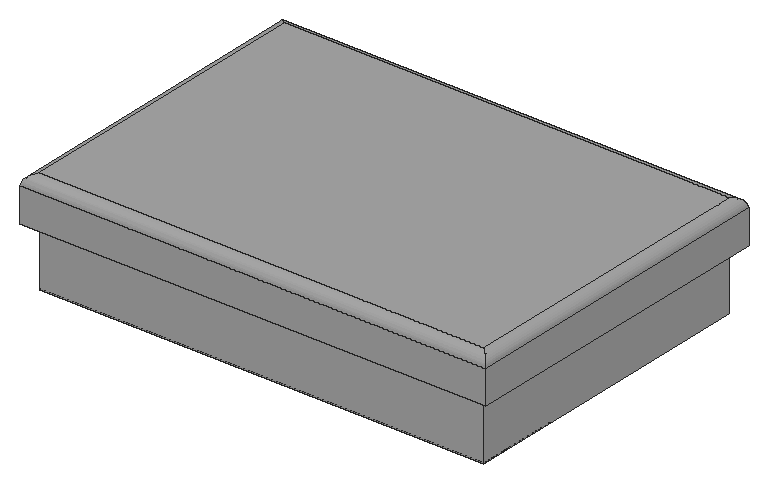
Revit family "4466_Addressable External Power Supply", category Fire Alarm Devices, host Face, Revit 2020
Family settings
  Host = Face
  Maintain Annotation Orientation = No
  Round Connector Dimension = Use Diameter
  Part Type = Normal
  OmniClass Number = 23.85.30.21
  OmniClass Title = Environmental Detection/Registration
  Cut with Voids When Loaded = No
  Shared = No
  Room Calculation Point = No
Parameters (values of type "4466")
  Width (mm) = 424 mm  # constant formula
  Weight = "4660g"  # constant formula
  Version = "RVT20"  # constant formula
  Vds Approval = "G219025"  # constant formula
  Uniformat 2010 Description = "Detection and Alarm"  # constant formula
  Uniformat 2010  Code = "D7050"  # constant formula
  Uniclass 2015 Description = "Fire and smoke detector bases"  # constant formula
  Uniclass 2015 Code = "Pr_75_80_30_27 "  # constant formula
  URL = "https://www.panasonic-fire-security.com"
  Type Comments = "The external power supply 4466 consists of a SMPS (the main power source) and a charger board. It is intended to be used as power supply for external equipment requiring 24 V DC with battery backup.The 4466 shall be connected to the COM loop in order to be monitored by the c.i.e.It is possible to mount and connect to the “2 voltage outputs board” and/or the “com loop repeater 4585” inside the 4466, i.e. in total two expansion boards"  # constant formula
  Tested and Approved = "EN54-4, EN54-18, EN54-17"  # constant formula
  Terminal Board Blades For Batteries = "2"  # constant formula
  Terminal Block J3 (Out 0/1) = "Ø 2.3 mm (4 mm²)"  # constant formula
  Technical Number [instance] = ""
  Short Circuit Isolator = "Yes (Built-in)"  # constant formula
  Product Material = Metal Housing - Light Grey
  Power Supply = "230 VAC with\r\nprotective eart"  # constant formula
  Output Signal = "1  (backwards compatibility only)"  # constant formula
  Omniclass Description = "Smoke Detectors"  # constant formula
  Omniclass Code = "23.85.30.21.11.11.11"  # constant formula
  Model = "4466"  # constant formula
  Min_Wire Size = "Ø 0.65 mm (0.33 mm²)"  # constant formula
  Max_Wire Size = "Ø 1.6 mm (2 mm²)"  # constant formula
  Manufacturer = "Panasonic"  # constant formula
  Ingress Protection Rating = "IP30"  # constant formula
  Height (mm) = 298 mm  # constant formula
  Description = "Addressable external power supply "  # constant formula
  Depth (mm) = 95 mm  # constant formula
  Default Elevation = 0 mm
  Contact = ""
  CPR = "0786-CPR-21627"  # constant formula
  Batteries = "Inside the housing (2) \t≤ 7.2 Ah\r\nOutside the housing\t≤ 42 Ah"  # constant formula
  Ambient Temperature Storage = "-20 to +70 °C"  # constant formula
  Ambient Temperature Operating = "-5 to +40 °C"  # constant formula
  Ambient Humidity = "Maximum 95 % RH "  # constant formula
  Address Range = "1-253"  # constant formula
  4585_COM Loop Repeater_Expansion Board Installed [instance] = yes
  4464_2 Voltage Outputs Board_Expansion Board Installed [instance] = yes
  24V Outputs = "2 (max. 2A / each)"  # constant formula
Reference planes
  plane 1 "Center (Front/Back)": y = 0
  plane 2: z = 0
  plane 3 "Center (Left/Right)": x = 0
  plane 4: x = -202
  plane 5: z = 95
  plane 6: y = 149
  plane 7: y = -149
  plane 8: z = 55
  plane 9: z = 1
  plane 10: x = -192
  plane 11: y = 139
  plane 12: y = -139
  plane 13: x = -212
  plane 14: z = 85
  plane 15: x = -182
  plane 16: x = 202
  plane 17: x = 192
  plane 18: x = 212
  plane 19: x = 182
  plane 20: y = 129
  plane 21: y = -129
Forms (mm)
  Extrusion 1, solid, material "Metal Housing - Light Grey" <- "Product Material"
    sketch origin (0, 0, 0) x (1, 0, 0) y (0, 1, 0)
      loop
        line (-202, 139) -> (-202, -139) -> (202, -139) -> (202, 139) -> (-202, 139)
      loop
        line (-192, -129) -> (192, -129) -> (192, 129) -> (-192, 129) -> (-192, -129)
    from 0 to 85
  Extrusion 2, solid, material "Metal Housing - Light Grey" <- "Product Material"
    sketch origin (0, 0, 0) x (1, 0, 0) y (0, 1, 0)
      loop
        line (-202, 139) -> (-202, -139) -> (202, -139) -> (202, 139) -> (-202, 139)
    from 0 to 1
  Sweep 3, solid, material "Metal Housing - Light Grey" <- "Product Material"
    path in 3D
      loop
        line (202, -139, 85) -> (202, 139, 85) -> (-202, 139, 85) -> (-202, -139, 85) -> (202, -139, 85)
    profile origin (0, -139, 85) x (0, 1, 0) y (0, 0, 1)
      loop
        line (-10, -30) -> (0, -30) -> (0, 0) -> (10, 0) -> (10, 10) -> (-0.445, 10)
        arc (-0.445, 10) -> (-7.201, 7.201) -> (-10, 0.445) r 9.555
        line (-10, 0.445) -> (-10, -30)
  Extrusion 4, solid, material "Metal Housing - Light Grey" <- "Product Material"
    sketch origin (0, 0, 0) x (1, 0, 0) y (0, 1, 0)
      loop
        line (-192, 139) -> (-192, -139) -> (202, -139) -> (202, 139) -> (-192, 139)
    from 55 to 95
Cuts and joins
  joined: Sweep 3, Extrusion 4
Lines and regions (mm)
  sketch lines
    curve 1: line (-202, -139, 85) -> (202, -139, 85)
    curve 2: line (-202, 139, 85) -> (-202, -139, 85)
    curve 3: line (202, 139, 85) -> (-202, 139, 85)
    curve 4: line (202, -139, 85) -> (202, 139, 85)
Dimensions and locks
  locked: plane 7 to plane 12 at 10
  plane 13 to plane 4 to plane 10 = 10 mm locked, 10 mm locked
  locked: plane 6 to plane 11 at 10
  equal spacing: plane 6, plane 1 "Center (Front/Back)", plane 7
  locked: plane 10 to plane 15 at 10
  plane 18 to plane 16 to plane 17 = 10 mm locked, 10 mm locked
  locked: plane 17 to plane 19 at 10
  equal spacing: plane 13, plane 3 "Center (Left/Right)", plane 18
  locked: plane 11 to plane 20 at 10
  locked: plane 12 to plane 21 at 10
  plane 5 to plane 14 to plane 8 = 10 mm locked, 30 mm locked
  "Depth (mm)": plane 5 to host face
  "Height (mm)": plane 6 to plane 7
  "Width (mm)": plane 13 to plane 18
  aligned and locked: plane 2 to host face
  aligned and locked: level to host face
  aligned and locked: plane 4 to Extrusion 1 sketch curve
  aligned and locked: Extrusion 1 to level
  aligned and locked: Extrusion 2 to level
  aligned and locked: plane 9 to Extrusion 2
  aligned and locked: plane 14 to Extrusion 1
  aligned and locked: plane 5 to Sweep 3 sketch curve
  aligned and locked: Sweep 3 sketch curve to profile plane  (x2)
  aligned and locked: Sweep 3 sketch curve to plane 8
  aligned and locked: Extrusion 4 to plane 8
  aligned and locked: plane 5 to Extrusion 4
  aligned and locked: plane 10 to Extrusion 4 sketch curve
  aligned and locked: Extrusion 4 sketch curve to plane 11
  aligned and locked: Extrusion 4 sketch curve to plane 12
  aligned and locked: plane 10 to Extrusion 1 sketch curve
  aligned and locked: Extrusion 1 sketch curve to plane 20
  aligned and locked: Extrusion 1 sketch curve to plane 11
  aligned and locked: plane 16 to Extrusion 1 sketch curve
  aligned and locked: plane 17 to Extrusion 1 sketch curve
  aligned and locked: Extrusion 1 sketch curve to plane 21
  aligned and locked: Extrusion 1 sketch curve to plane 12
  aligned and locked: plane 4 to Extrusion 2 sketch curve
  aligned and locked: plane 16 to Extrusion 2 sketch curve
Automatic sketch dimensions
  host sketch curve to host sketch curve = 2438.4 mm  (x2)
  plane 3 "Center (Left/Right)" to Extrusion 4 sketch curve = 202 mm
  profile plane to Sweep 3 sketch curve = 0.445 mm
  Extrusion 2 sketch curve to plane 11 = 0 mm
  plane 12 to Extrusion 2 sketch curve = 0 mm
  profile plane to Sweep 3 sketch curve = 10 mm
  Sweep 3 sketch curve to Sweep 3 sketch curve = 10 mm
Connectors
  electrical at (0, 0, 0)
    settings: index 1, voltage 0 V, apparent load 0 VA, apparent load phase1 0 VA, apparent load phase2 0 VA, apparent load phase3 0 VA, power factor 1, load classification "Other", number of poles 1, system type 11, power factor state 1, is connector primary yes, connector utility no, sub classification motor no, connector description ""
